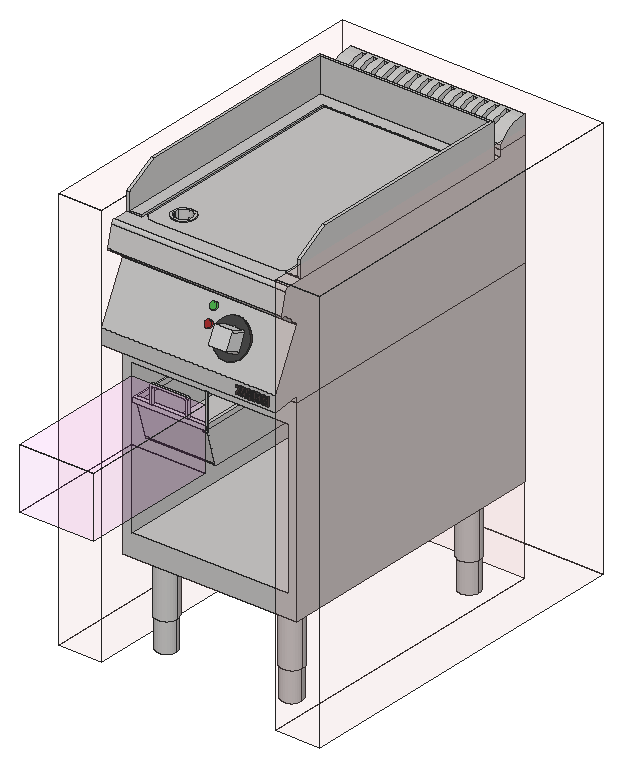
Revit family "QF_ZANUSSI_372195_Z7FTEDCSQ0", category Attrezzature speciali, Revit 2020
Family settings
  Quota connettore circolare = Usa diametro
  Tipo di parte = Normale
  Basato su piano di lavoro = No
  Sempre verticale = Sì
  Taglio con vuoti quando caricato = No
  Condiviso = No
  Punto di calcolo locali = No
Parameters (values of type "Standard")
  Weight = 50.00 kg
  Watts = 4200 W
  Volts = 400 V
  URL Manufacturer = "http://www.zanussiprofessional.com"
  URL = "http://www.zanussiprofessional.com"
  Steam Supply Size = 0 mm
  Steam Supply Minimum Pressure = 0.0 Pa
  Steam Supply Maximum Pressure = 0.0 Pa
  Steam Consumption per Hour = 0
  Show Logo [instance] = yes
  Show Clearance [instance] = yes
  Refrigeration Suction Line Size = 0 mm
  Refrigeration Liquid Line Size = 0 mm
  Refrigerant Compressor Remote = yes
  Prospetto di default = 0 mm
  Produttore = "Zanussi"
  Phase = 3
  Modello = "Z7FTEDCSQ0"
  Length Actual = 400 mm  # constant formula
  Item Number = "372195"
  Hot Water Size = 0 mm
  Height Actual = 850 mm  # constant formula
  HP = "5.6 HP"
  Gas Size = 0 mm
  Gas KW = 0
  Gas Input Pressure = 0 W
  Direct Waste Size = 0 mm
  Descrizione = "EL. FRY TOP-SMOOTH POLISHED CHROME PLATE+BASE 400MM"
  Depth Actual = 700 mm  # constant formula
  Cycle = 50 Hz
  Condensate Return Size = 0 mm
  Compressed Air Volume = 0.0 L/s
  Compressed Air Size = 0 mm
  Compressed Air Pressure = 0.0 Pa
  Cold Water Size = 0 mm
  Accessory = yes
Reference planes
  plane 1 "Back": y = 0
  plane 2: z = 0
  plane 3 "Left": x = 0
  plane 4: z = 849
  plane 5: x = 500
  plane 6: x = -100
  plane 7: y = 100
  plane 8: x = 400
  plane 9: y = -715
  plane 10: y = -91
  plane 11: y = -600
  plane 12: x = 200
Forms (mm)
  Extrusion 1, solid, material "QF_Finishes_Clearance", visible <- "Show Clearance"
    sketch origin (0, 0, 575) x (1, 0, 0) y (0, 1, 0)
      loop
        line (0, -715) -> (0, 0) -> (400, 0) -> (400, -715) -> (500, -715) -> (500, 100) -> (-100, 100) -> (-100, -715) -> (0, -715)
    from -575 to 355
  Extrusion 2, void
    sketch origin (0, -2.381, 900) x (-1, 0, 0) y (0, -1, 0)
      loop
        arc (-60.425, 102.504) -> (-42.464, 109.943) -> (-35.025, 127.904) r 25.4
        line (-35.025, 127.904) -> (-35.025, 617.104)
        arc (-35.025, 617.104) -> (-42.464, 635.064) -> (-60.425, 642.504) r 25.4
        line (-60.425, 642.504) -> (-339.575, 642.504)
        arc (-339.575, 642.504) -> (-357.536, 635.064) -> (-364.975, 617.104) r 25.4
        line (-364.975, 617.104) -> (-364.975, 127.904)
        arc (-364.975, 127.904) -> (-357.536, 109.943) -> (-339.575, 102.504) r 25.4
        line (-339.575, 102.504) -> (-60.425, 102.504)
    from 0 to -3.2
  Sweep 3, solid, material "QF_Finishes_Stainless Steel"
    path origin (0, -2.381, 900) x (-1, 0, 0) y (0, -1, 0)
      loop
        line (-364.975, 642.504) -> (-364.975, 122.619) -> (-35.025, 122.619) -> (-35.025, 642.504)
    profile origin (35.025, -384.942, 900) x (1, 0, 0) y (0, 0, 1)
      loop
        line (-35.025, 0) -> (0, 0) -> (0, 3.175) -> (-28.675, 3.175) -> (-28.675, 80) -> (-35.025, 80) -> (-35.025, 0)
  Extrusion 4, void
    sketch origin (0, -89.975, 900) x (0, 1, 0) y (0, 0, 1)
      loop
        line (-554.91, 40.481) -> (-481.88, 80) -> (-554.91, 80) -> (-554.91, 40.481)
    from 0 to 6.35
  Extrusion 5, void
    sketch origin (400, -644.885, 900) x (0, -1, 0) y (0, 0, 1)
      loop
        line (0, 40.481) -> (0, 80) -> (-73.03, 80) -> (0, 40.481)
    from 0 to 6.35
  Extrusion 6, solid, material "QF_Finishes_Stainless Steel"
    sketch origin (0, 20, 50) x (1, 0, 0) y (0, 1, 0)
      loop
        circle (85.307, -607.968) r 25
      loop
        circle (85.307, -607.968) r 20
    from 831.583 to 846.8
  Extrusion 7, solid, material "QF_Finishes_Stainless Steel"
    sketch origin (0, 322, 50) x (1, 0, 0) y (0, 0, 1)
      loop
        line (184.499, 468.626) -> (184.499, 467)
        arc (184.499, 467) -> (185.085, 465.586) -> (186.499, 465) r 2
        line (186.499, 465) -> (192, 465)
        arc (192, 465) -> (194.121, 465.879) -> (195, 468) r 3
        line (195, 468) -> (195, 550) -> (190, 550) -> (190, 468.626) -> (184.499, 468.626)
    from 655 to 977.426
  Extrusion 8, solid, material "QF_Finishes_Door Clearance", visible <- "Show Clearance"
    sketch origin (0, 0, 50) x (1, 0, 0) y (0, 0, 1)
      loop
        line (190, 380) -> (190, 521.126) -> (19.675, 521.126) -> (19.675, 380) -> (190, 380)
    from 655 to 975.19
  Extrusion 9, solid, material "QF_Finishes_Stainless Steel"
    sketch origin (0, 0, 626) x (0, 1, 0) y (0, 0, 1)
      loop
        line (0, 24) -> (0, 288) -> (-70, 288) -> (-70, 273) -> (-679.358, 273)
        arc (-679.358, 273) -> (-684.643, 270.811) -> (-686.833, 265.526) r 7.474
        line (-686.833, 265.526) -> (-699.884, 220.011)
        arc (-699.884, 220.011) -> (-699.396, 217.379) -> (-697, 216.184) r 3
        line (-697, 216.184) -> (-686.802, 216.184) -> (-654.982, 184.364) -> (-715, 64.508) -> (-715, 29.508) -> (-658.645, 37.428)
        arc (-658.645, 37.428) -> (-656.101, 36.674) -> (-655, 34.259) r 3.2
        line (-655, 34.259) -> (-655, 24) -> (0, 24)
    from 0 to 400
  Extrusion 10, solid, material "QF_Finishes_Stainless Steel"
    sketch origin (0, 0, 50) x (1, 0, 0) y (0, 1, 0)
      loop
        line (0, 0) -> (0, -655) -> (400, -655) -> (400, 0) -> (0, 0)
    from 149 to 600
  Extrusion 11, void
    sketch origin (418.77, -655, 50) x (1, 0, 0) y (0, 0, -1)
      loop
        line (-398.77, -199) -> (-398.77, -550) -> (-38.77, -550) -> (-38.77, -199) -> (-398.77, -199)
    from 0 to 507.363
  Extrusion 12, void
    sketch origin (0, 20, 100) x (1, 0, 0) y (0, 1, 0)
      loop
        circle (85.307, -607.971) r 20
    from 520.027 to 855.813
  Extrusion 13, solid, material "QF_Finishes_Stainless Steel"
    sketch origin (730.404, -334.286, 197) x (1, 0, 0) y (0, 1, 0)
      loop
        line (-392.404, -132.714) -> (-392.404, -152.714) -> (-372.404, -152.714) -> (-372.404, -132.714) -> (-392.404, -132.714)
    from 0 to 2
  Extrusion 14, solid, material "QF_Finishes_Stainless Steel"
    sketch origin (730.404, 113.714, 197) x (1, 0, 0) y (0, 1, 0)
      loop
        line (-392.404, -132.714) -> (-392.404, -152.714) -> (-372.404, -152.714) -> (-372.404, -132.714) -> (-392.404, -132.714)
    from 0 to 2
Cuts and joins
  Extrusion 2, Extrusion 4, Extrusion 5 cuts Sweep 3
  Extrusion 2 cuts Extrusion 6
  Extrusion 4 cuts Extrusion 1
  Extrusion 11 cuts Extrusion 7
  Extrusion 11 cuts Extrusion 8
  Extrusion 11 cuts Extrusion 10
  Extrusion 2, Extrusion 12 cuts Extrusion 9
Dimensions and locks
  plane 4 to level = 849 mm
  plane 3 "Left" to plane 8 = 400 mm
  plane 1 "Back" to plane 9 = 715 mm
  plane 6 to plane 3 "Left" = 100 mm
  plane 8 to plane 5 = 100 mm
  plane 1 "Back" to plane 7 = 100 mm
  plane 1 "Back" to plane 10 to plane 11 = 91 mm, 509 mm
  equal spacing: plane 3 "Left", plane 12, plane 8
  aligned and locked: level to plane 2
Automatic sketch dimensions
  Extrusion 1 sketch curve to plane 6 = 0 mm
  plane 1 "Back" to Extrusion 1 sketch curve = 0 mm
  Extrusion 1 sketch curve to plane 3 "Left" = 0 mm
  Extrusion 1 sketch curve to plane 8 = 0 mm
  Extrusion 1 sketch curve to plane 5 = 0 mm
  Extrusion 1 sketch curve to plane 9 = 0 mm  (x2)
  Extrusion 1 sketch curve to plane 7 = 0 mm
  plane 8 to Extrusion 2 sketch curve = 35.025 mm
  Extrusion 2 sketch curve to Extrusion 2 sketch curve = 25.4 mm  (x3)
  Extrusion 2 sketch curve to plane 10 = 13.885 mm
  plane 3 "Left" to Extrusion 2 sketch curve = 60.425 mm  (x2)
  Extrusion 2 sketch curve to plane 11 = 19.485 mm
  plane 8 to Sweep 3 sketch curve = 35.025 mm
  plane 3 "Left" to Sweep 3 sketch curve = 35.025 mm
  Sweep 3 sketch curve to plane 10 = 34 mm
  Sweep 3 sketch curve to plane 11 = 44.885 mm  (x2)
  Sweep 3 sketch curve to profile plane = 0 mm
  profile plane to Sweep 3 sketch curve = 0 mm
  profile plane to Sweep 3 sketch curve = 28.675 mm
  Sweep 3 sketch curve to Sweep 3 sketch curve = 6.35 mm
  profile plane to Sweep 3 sketch curve = 3.175 mm
  Sweep 3 sketch curve to Sweep 3 sketch curve = 76.825 mm
  Extrusion 4 sketch curve to Sweep 3 = 0 mm  (x2)
  Extrusion 4 sketch curve to Extrusion 4 sketch curve = 73.03 mm
  Extrusion 4 sketch curve to Extrusion 4 sketch curve = 39.519 mm
  Sweep 3 to Extrusion 5 sketch curve = 0 mm
  Extrusion 5 sketch curve to Sweep 3 = 0 mm
  Extrusion 5 sketch curve to Extrusion 5 sketch curve = 73.03 mm
  Extrusion 5 sketch curve to Extrusion 5 sketch curve = 39.519 mm
  Extrusion 6 sketch curve to Extrusion 6 sketch curve = 0 mm  (x2)
  plane 11 to Extrusion 6 sketch curve = 12.032 mm
  plane 3 "Left" to Extrusion 6 sketch curve = 85.307 mm
  Extrusion 7 sketch curve to plane 12 = 15.501 mm
  Extrusion 7 sketch curve to Extrusion 7 sketch curve = 2 mm  (x2)
  Extrusion 7 sketch curve to Extrusion 7 sketch curve = 3.501 mm
  Extrusion 7 sketch curve to plane 12 = 5 mm
  plane 4 to Extrusion 7 sketch curve = 334 mm
  Extrusion 7 sketch curve to Extrusion 7 sketch curve = 1.626 mm
  Extrusion 7 sketch curve to Extrusion 7 sketch curve = 81.374 mm
  plane 3 "Left" to Extrusion 8 sketch curve = 19.675 mm
  Extrusion 8 sketch curve to plane 12 = 10 mm
  plane 4 to Extrusion 8 sketch curve = 419 mm
  Extrusion 8 sketch curve to Extrusion 8 sketch curve = 141.126 mm
  Extrusion 9 sketch curve to plane 9 = 0 mm
  Extrusion 9 sketch curve to plane 1 "Back" = 0 mm
  plane 4 to Extrusion 9 sketch curve = 2.989 mm
  plane 9 to Extrusion 9 sketch curve = 15.116 mm
  Extrusion 9 sketch curve to Extrusion 9 sketch curve = 2.884 mm
  plane 9 to Extrusion 9 sketch curve = 28.167 mm
  plane 4 to Extrusion 9 sketch curve = 6.816 mm
  Extrusion 9 sketch curve to Extrusion 9 sketch curve = 10.198 mm
  Extrusion 9 sketch curve to Extrusion 9 sketch curve = 7.474 mm
  plane 9 to Extrusion 9 sketch curve = 56.355 mm
  Extrusion 9 sketch curve to Extrusion 9 sketch curve = 0.445 mm
  Extrusion 9 sketch curve to Extrusion 9 sketch curve = 3.2 mm
  Extrusion 9 sketch curve to Extrusion 9 sketch curve = 31.82 mm
  plane 10 to Extrusion 9 sketch curve = 21 mm
  plane 4 to Extrusion 9 sketch curve = 38.636 mm
  Extrusion 9 sketch curve to Extrusion 9 sketch curve = 119.856 mm
  Extrusion 9 sketch curve to Extrusion 9 sketch curve = 27.08 mm
  Extrusion 9 sketch curve to Extrusion 9 sketch curve = 35 mm
  Extrusion 9 sketch curve to Extrusion 9 sketch curve = 10.259 mm
  Extrusion 9 sketch curve to plane 4 = 42.526 mm
  Extrusion 9 sketch curve to plane 4 = 65 mm
  Extrusion 10 sketch curve to plane 3 "Left" = 0 mm
  Extrusion 10 sketch curve to plane 8 = 0 mm
  plane 1 "Back" to Extrusion 10 sketch curve = 0 mm
  Extrusion 10 sketch curve to plane 11 = 55 mm
  Extrusion 11 sketch curve to Extrusion 10 = 20 mm
  Extrusion 10 to Extrusion 11 sketch curve = 20 mm
  Extrusion 11 sketch curve to Extrusion 10 = 50 mm  (x2)
  plane 11 to Extrusion 12 sketch curve = 12.029 mm
  plane 3 "Left" to Extrusion 12 sketch curve = 85.307 mm
  plane 8 to Extrusion 13 sketch curve = 62 mm
  Extrusion 13 sketch curve to Extrusion 13 sketch curve = 20 mm  (x2)
  plane 11 to Extrusion 13 sketch curve = 113 mm
  plane 8 to Extrusion 14 sketch curve = 62 mm
  Extrusion 14 sketch curve to Extrusion 14 sketch curve = 20 mm
  plane 1 "Back" to Extrusion 14 sketch curve = 39 mm
  plane 1 "Back" to Extrusion 14 sketch curve = 19 mm
  radius of Extrusion 6 sketch curve = 25 mm
  radius of Extrusion 6 sketch curve = 20 mm
  radius of Extrusion 12 sketch curve = 20 mm
Nested families
  nested 1: "Uscita_Fumi" at (200, -34.925, 914), type "Uscita_Fumi"
  nested 2: "CONTROLLER_XP-ZAN" at (325.75, -684.624, 751.168) x (1, 0, 0) z (0, -0.8942, 0.4478), type "CONTROLLER_XP-ZAN"
  nested 3: "SPIA_RED" at (218.803, -681.218, 760.23) x (1, 0, 0) z (0, -0.8942, 0.4478), type "SPIA_RED"
  nested 4: "SPIA_GREEN" at (218.803, -665.986, 790.648) x (1, 0, 0) z (0, -0.8942, 0.4478), type "SPIA_GREEN"
  nested 5: "ZANUSSI_Logo" at (349.92, -715, 721.184) x (1, 0, 0) z (0, -1, 0), Show Logo <- "Show Logo", visible <- "Show Logo", type "ZANUSSI_Logo"
    with Show Logo yes
  nested 6: "CESTELLO_SCOLO" at (19.675, -494, 430), type "CESTELLO_SCOLO"
  nested 7: "Piedino 50xH200_par" at (56, -600, 0), type "Piedino 50xH200_par"
    with H 200 mm
  nested 8: "Piedino 50xH200_par" at (344, -600, 0), type "Piedino 50xH200_par"
    with H 200 mm
  nested 9: "Piedino 50xH200_par" at (344, -91, 0), type "Piedino 50xH200_par"
    with H 200 mm
  nested 10: "Piedino 50xH200_par" at (56, -91, 0), type "Piedino 50xH200_par"
    with H 200 mm
Connectors
  electrical at (348, -477, 197), driven by "Volts"
    settings: on Extrusion 13, index 10, voltage 400 V, apparent load 0 VA, apparent load phase1 0 VA, apparent load phase2 0 VA, apparent load phase3 0 VA, power factor 1, load classification "Altro", number of poles 1, system type 30, power factor state 1, is connector primary yes, connector utility no, sub classification motor no, connector description "Electrical Connection"
  electrical at (348, -29, 197), driven by "Volts"
    settings: on Extrusion 14, index 11, voltage 400 V, apparent load 0 VA, apparent load phase1 0 VA, apparent load phase2 0 VA, apparent load phase3 0 VA, power factor 1, load classification "Altro", number of poles 1, system type 30, power factor state 1, is connector primary no, connector utility no, sub classification motor no, connector description "Electrical Connection"
Definition of nested family "Uscita_Fumi"
  Parameters (values of type "Uscita_Fumi")
    Default Elevation = 1219.2 mm
  Reference planes
    plane 1 "Centro (Fronte/Retro)": y = 0
    plane 2: z = 0
    plane 3 "Centro (Sinistra/Destra)": x = 0
  Forms (mm)
    Extrusion 1, solid
      sketch origin (0, 0, 0) x (1, 0, 0) y (0, 1, 0)
        loop
          line (-1219.2, 1219.2) -> (-1219.2, -1219.2) -> (1219.2, -1219.2) -> (1219.2, 1219.2) -> (-1219.2, 1219.2)
      from 0 to -304.8
    Extrusion 2, solid
      sketch origin (-200, 34.925, -289.638) x (0, 1, 0) y (0, 0, 1)
        loop
          line (0, 289.638) -> (0, 331.738)
          arc (0, 331.738) -> (-38.857, 324.552) -> (-69.85, 300.038) r 82.056
          line (-69.85, 300.038) -> (-69.85, 289.638) -> (0, 289.638)
      from 0 to 400
    Extrusion 3, void
      sketch origin (-200, 34.925, -15) x (0, -1, 0) y (1, 0, 0)
        loop
          line (6.761, 29.703) -> (63.911, 29.703) -> (63.911, 38.999) -> (6.761, 38.999) -> (6.761, 29.703)
        loop
          line (63.911, 64.487) -> (6.761, 64.487) -> (6.761, 55.191) -> (63.911, 55.191) -> (63.911, 64.487)
        loop
          line (63.911, 89.975) -> (6.761, 89.975) -> (6.761, 80.68) -> (63.911, 80.68) -> (63.911, 89.975)
        loop
          line (63.911, 115.464) -> (6.761, 115.464) -> (6.761, 106.168) -> (63.911, 106.168) -> (63.911, 115.464)
        loop
          line (63.911, 140.952) -> (6.761, 140.952) -> (6.761, 131.656) -> (63.911, 131.656) -> (63.911, 140.952)
        loop
          line (63.911, 166.44) -> (6.761, 166.44) -> (6.761, 157.145) -> (63.911, 157.145) -> (63.911, 166.44)
        loop
          line (63.911, 191.929) -> (6.761, 191.929) -> (6.761, 182.633) -> (63.911, 182.633) -> (63.911, 191.929)
        loop
          line (63.911, 217.417) -> (6.761, 217.417) -> (6.761, 208.121) -> (63.911, 208.121) -> (63.911, 217.417)
        loop
          line (63.911, 242.905) -> (6.761, 242.905) -> (6.761, 233.61) -> (63.911, 233.61) -> (63.911, 242.905)
        loop
          line (63.911, 268.394) -> (6.761, 268.394) -> (6.761, 259.098) -> (63.911, 259.098) -> (63.911, 268.394)
        loop
          line (63.911, 293.882) -> (6.761, 293.882) -> (6.761, 284.586) -> (63.911, 284.586) -> (63.911, 293.882)
        loop
          line (63.911, 319.37) -> (6.761, 319.37) -> (6.761, 310.075) -> (63.911, 310.075) -> (63.911, 319.37)
        loop
          line (63.911, 344.859) -> (6.761, 344.859) -> (6.761, 335.563) -> (63.911, 335.563) -> (63.911, 344.859)
        loop
          line (63.911, 370.347) -> (6.761, 370.347) -> (6.761, 361.051) -> (63.911, 361.051) -> (63.911, 370.347)
      from 25.4 to 63.5
  Cuts and joins
    Extrusion 3 cuts Extrusion 2
  Dimensions and locks
    aligned and locked: plane 2 to Extrusion 1
    aligned and locked: level to Extrusion 1
Definition of nested family "CONTROLLER_XP-ZAN"
  Parameters (values of type "CONTROLLER_XP-ZAN")
    Default Elevation = 0 mm
  Reference planes
    plane 1 "Centro (Fronte/Retro)": y = 0
    plane 2: z = 0
    plane 3 "Centro (Sinistra/Destra)": x = 0
    plane 4: x = -51.067
    plane 5: x = 51.067
    plane 6: x = 93.481
    plane 7: x = -93.481
  Forms (mm)
    Extrusion 1, solid
      sketch origin (0, 0, 0) x (1, 0, 0) y (0, 1, 0)
        loop
          line (-1219.2, 1219.2) -> (-1219.2, -1219.2) -> (1219.2, -1219.2) -> (1219.2, 1219.2) -> (-1219.2, 1219.2)
      from 0 to -304.8
    Extrusion 2, solid
      sketch origin (-46.381, -48.923, 0) x (1, 0, 0) y (0, 1, 0)
        loop
          circle (-4.687, 48.923) r 42.414
      from 0 to 3.175
    Blend 3, solid
      base sketch origin (-46.381, -48.923, 3.175) x (1, 0, 0) y (0, 1, 0)
        loop
          line (-23.687, 25.923) -> (14.313, 25.923)
          arc (14.313, 25.923) -> (17.142, 27.095) -> (18.313, 29.923) r 4
          line (18.313, 29.923) -> (18.313, 66.519)
          arc (18.313, 66.519) -> (17.342, 69.132) -> (14.901, 70.476) r 4
          arc (14.901, 70.476) -> (-4.687, 71.923) -> (-24.275, 70.476) r 133.25
          arc (-24.275, 70.476) -> (-26.716, 69.132) -> (-27.687, 66.519) r 4
          line (-27.687, 66.519) -> (-27.687, 29.923)
          arc (-27.687, 29.923) -> (-26.515, 27.095) -> (-23.687, 25.923) r 4
      top sketch origin (-46.381, -48.923, 3.175) x (1, 0, 0) y (0, 1, 0)
        loop
          line (-25.687, 66.519) -> (-25.687, 29.923)
          arc (-25.687, 29.923) -> (-25.101, 28.509) -> (-23.687, 27.923) r 2
          line (-23.687, 27.923) -> (14.313, 27.923)
          arc (14.313, 27.923) -> (15.727, 28.509) -> (16.313, 29.923) r 2
          line (16.313, 29.923) -> (16.313, 66.519)
          arc (16.313, 66.519) -> (15.828, 67.825) -> (14.607, 68.498) r 2
          arc (14.607, 68.498) -> (-4.687, 69.923) -> (-23.981, 68.498) r 131.25
          arc (-23.981, 68.498) -> (-25.201, 67.825) -> (-25.687, 66.519) r 2
      from 0 to 33
  Lines and regions (mm)
    Split face 1
      outline origin (-46.381, -48.923, 36.175) x (1, 0, 0) y (0, 1, 0)
        loop
          line (-6.687, 69.908) -> (-6.687, 62.923) -> (-2.687, 62.923) -> (-2.687, 69.908)
  Dimensions and locks
    aligned and locked: plane 2 to Extrusion 1
    aligned and locked: level to Extrusion 1
Definition of nested family "SPIA_RED"
  Parameters
    Default Elevation = 1219.2 mm
  Reference planes
    plane 1 "Centro (Fronte/Retro)": y = 0
    plane 2: z = 0
    plane 3 "Centro (Sinistra/Destra)": x = 0
  Forms (mm)
    Extrusion 1, solid
      sketch origin (0, 0, 0) x (1, 0, 0) y (0, 1, 0)
        loop
          line (-1219.2, 1219.2) -> (-1219.2, -1219.2) -> (1219.2, -1219.2) -> (1219.2, 1219.2) -> (-1219.2, 1219.2)
      from 0 to -304.8
    Extrusion 2, solid
      sketch origin (-367.513, 69.533, 3.175) x (-1, 0, 0) y (0, 1, 0)
        loop
          circle (-367.513, -69.533) r 8
      from 0 to 3.175
  Dimensions and locks
    aligned and locked: plane 2 to Extrusion 1
    aligned and locked: level to Extrusion 1
Definition of nested family "SPIA_GREEN"
  Parameters
    Default Elevation = 1219.2 mm
  Reference planes
    plane 1 "Centro (Fronte/Retro)": y = 0
    plane 2: z = 0
    plane 3 "Centro (Sinistra/Destra)": x = 0
  Forms (mm)
    Extrusion 1, solid
      sketch origin (0, 0, 0) x (1, 0, 0) y (0, 1, 0)
        loop
          line (-1219.2, 1219.2) -> (-1219.2, -1219.2) -> (1219.2, -1219.2) -> (1219.2, 1219.2) -> (-1219.2, 1219.2)
      from 0 to -304.8
    Extrusion 2, solid
      sketch origin (-367.513, 69.533, 3.175) x (-1, 0, 0) y (0, 1, 0)
        loop
          circle (-367.513, -69.533) r 8
      from 0 to 3.175
  Dimensions and locks
    aligned and locked: plane 2 to Extrusion 1
    aligned and locked: level to Extrusion 1
Definition of nested family "ZANUSSI_Logo"
  Parameters (values of type "ZANUSSI_Logo")
    Show Logo [instance] = yes
    Default Elevation = 1219.2 mm
  Reference planes
    plane 1 "Center (Front/Back)": y = -49
    plane 2: z = 0
    plane 3 "Center (Left/Right)": x = -9.92
  Forms (mm)
    Extrusion 1, solid
      sketch origin (0, 0, 0) x (1, 0, 0) y (0, 1, 0)
        loop
          line (-1219.2, 1219.2) -> (-1219.2, -1219.2) -> (1219.2, -1219.2) -> (1219.2, 1219.2) -> (-1219.2, 1219.2)
      from 0 to -304.8
    Extrusion 2, solid, visible <- "Show Logo"
      sketch origin (106.353, -215.165, -50) x (1, 0, 0) y (0, 1, 0)
        loop
          line (-137.419, 156.48) -> (-137.419, 160.444) -> (-143.365, 160.444) -> (-137.419, 172.566) -> (-137.419, 175.851) -> (-147.274, 175.851) -> (-147.274, 172.226) -> (-142.063, 172.339) -> (-147.728, 160.444) -> (-147.728, 156.48) -> (-137.419, 156.48)
        loop
          line (-131.729, 163.73) -> (-129.463, 163.73) -> (-130.596, 172.54) -> (-131.729, 163.73)
        loop
          line (-132.748, 156.48) -> (-132.182, 160.218) -> (-128.897, 160.218) -> (-128.33, 156.48) -> (-124.252, 156.48) -> (-127.877, 175.851) -> (-133.315, 175.851) -> (-136.826, 156.48) -> (-132.748, 156.48)
        loop
          line (-123.75, 175.851) -> (-123.75, 156.48) -> (-120.238, 156.48) -> (-120.238, 169.281) -> (-116.953, 156.48) -> (-112.648, 156.48) -> (-112.648, 175.851) -> (-116.273, 175.851) -> (-116.273, 163.503) -> (-119.558, 175.851) -> (-123.75, 175.851)
        loop
          arc (-111.742, 161.27) -> (-106.896, 156.448) -> (-101.433, 160.558) r 5.22
          line (-101.433, 160.558) -> (-101.433, 175.851) -> (-105.398, 175.851) -> (-105.398, 161.464)
          arc (-105.398, 161.464) -> (-106.44, 160.263) -> (-107.777, 161.124) r 1.214
          line (-107.777, 161.124) -> (-107.777, 175.851) -> (-111.742, 175.851) -> (-111.742, 161.27)
        loop
          line (-94.069, 169.734) -> (-90.331, 169.734) -> (-90.269, 171.495)
          arc (-90.269, 171.495) -> (-90.53, 173.458) -> (-91.761, 175.009) r 3.719
          arc (-91.761, 175.009) -> (-95.38, 176.189) -> (-98.998, 175.009) r 6.139
          arc (-98.998, 175.009) -> (-100.474, 172.145) -> (-100.291, 168.927) r 6.125
          arc (-100.291, 168.927) -> (-99.079, 167.149) -> (-97.591, 165.594) r 13.068
          line (-97.591, 165.594) -> (-95.921, 164.113)
          arc (-95.921, 164.113) -> (-94.934, 163.275) -> (-94.167, 162.233) r 5.571
          arc (-94.167, 162.233) -> (-94.357, 160.41) -> (-96.143, 160.003) r 1.573
          arc (-96.143, 160.003) -> (-96.681, 160.547) -> (-96.911, 161.277) r 1.631
          arc (-96.911, 161.277) -> (-96.929, 161.791) -> (-96.911, 162.305) r 7.441
          arc (-96.911, 162.305) -> (-96.895, 162.791) -> (-96.911, 163.277) r 7.03
          line (-96.911, 163.277) -> (-100.866, 163.277)
          arc (-100.866, 163.277) -> (-100.828, 160.504) -> (-99.735, 157.955) r 7.131
          arc (-99.735, 157.955) -> (-94.571, 156.484) -> (-90.221, 159.633) r 6.148
          arc (-90.221, 159.633) -> (-90.141, 162.884) -> (-91.536, 165.823) r 7.021
          line (-91.536, 165.823) -> (-95.882, 169.734)
          arc (-95.882, 169.734) -> (-96.47, 170.472) -> (-96.785, 171.362) r 2.858
          arc (-96.785, 171.362) -> (-95.666, 172.959) -> (-94.069, 171.84) r 1.379
          line (-94.069, 171.84) -> (-94.069, 169.734)
        loop
          line (-82.771, 169.734) -> (-79.033, 169.734) -> (-78.971, 171.495)
          arc (-78.971, 171.495) -> (-79.232, 173.458) -> (-80.463, 175.009) r 3.719
          arc (-80.463, 175.009) -> (-84.081, 176.189) -> (-87.7, 175.009) r 6.139
          arc (-87.7, 175.009) -> (-89.175, 172.145) -> (-88.993, 168.927) r 6.125
          arc (-88.993, 168.927) -> (-87.781, 167.149) -> (-86.293, 165.594) r 13.068
          line (-86.293, 165.594) -> (-84.623, 164.113)
          arc (-84.623, 164.113) -> (-83.636, 163.275) -> (-82.869, 162.233) r 5.571
          arc (-82.869, 162.233) -> (-83.059, 160.41) -> (-84.845, 160.003) r 1.573
          arc (-84.845, 160.003) -> (-85.383, 160.547) -> (-85.613, 161.277) r 1.631
          arc (-85.613, 161.277) -> (-85.631, 161.791) -> (-85.613, 162.305) r 7.441
          arc (-85.613, 162.305) -> (-85.596, 162.791) -> (-85.613, 163.277) r 7.03
          line (-85.613, 163.277) -> (-89.568, 163.277)
          arc (-89.568, 163.277) -> (-89.53, 160.504) -> (-88.437, 157.955) r 7.131
          arc (-88.437, 157.955) -> (-83.272, 156.484) -> (-78.922, 159.633) r 6.148
          arc (-78.922, 159.633) -> (-78.843, 162.884) -> (-80.238, 165.823) r 7.021
          line (-80.238, 165.823) -> (-84.584, 169.734)
          arc (-84.584, 169.734) -> (-85.171, 170.472) -> (-85.486, 171.362) r 2.858
          arc (-85.486, 171.362) -> (-84.368, 172.959) -> (-82.771, 171.84) r 1.379
          line (-82.771, 171.84) -> (-82.771, 169.734)
        loop
          line (-78.21, 175.851) -> (-78.21, 156.48) -> (-74.245, 156.48) -> (-74.245, 175.851) -> (-78.21, 175.851)
      from 50 to 51.6
  Dimensions and locks
    aligned and locked: plane 2 to Extrusion 1
    aligned and locked: level to Extrusion 1
Definition of nested family "CESTELLO_SCOLO"
  Parameters (values of type "CESTELLO_SCOLO")
    Default Elevation = 0 mm
  Reference planes
    plane 1 "Centro (Fronte/Retro)": y = 0
    plane 2: z = 0
    plane 3 "Centro (Sinistra/Destra)": x = 0
  Forms (mm)
    Extrusion 1, solid
      sketch origin (0, -5, 0) x (0, 1, 0) y (0, 0, 1)
        loop
          line (0, 0) -> (128.732, 0)
          arc (128.732, 0) -> (131.741, 1.007) -> (133.539, 3.622) r 5
          line (133.539, 3.622) -> (160.064, 96.126) -> (0, 96.126) -> (-149.181, 96.126) -> (-122.656, 3.622)
          arc (-122.656, 3.622) -> (-120.859, 1.007) -> (-117.85, 0) r 5
          line (-117.85, 0) -> (0, 0)
      from 4.958 to 164.824
    Extrusion 2, solid
      sketch origin (7.5, -1.064, 2.5) x (0, 1, 0) y (0, 0, 1)
        loop
          line (162.49, 96.126) -> (-159.936, 96.126) -> (-159.936, 86.126) -> (162.49, 86.126) -> (162.49, 96.126)
      from -7.175 to 162.825
    Extrusion 3, solid
      sketch origin (-14.987, 0, 0) x (1, 0, 0) y (0, 0, 1)
        loop
          line (56.875, 98.626) -> (61.875, 98.626) -> (61.875, 133.126)
          arc (61.875, 133.126) -> (62.754, 135.247) -> (64.875, 136.126) r 3
          line (64.875, 136.126) -> (135.75, 136.126)
          arc (135.75, 136.126) -> (137.871, 135.247) -> (138.75, 133.126) r 3
          line (138.75, 133.126) -> (138.75, 98.626) -> (143.75, 98.626) -> (143.75, 136.126)
          arc (143.75, 136.126) -> (142.286, 139.662) -> (138.75, 141.126) r 5
          line (138.75, 141.126) -> (61.875, 141.126)
          arc (61.875, 141.126) -> (58.339, 139.662) -> (56.875, 136.126) r 5
          line (56.875, 136.126) -> (56.875, 98.626)
      from 154.898 to 161
    Extrusion 4, solid
      sketch origin (-14.987, 0, 0) x (1, 0, 0) y (0, 0, -1)
        loop
          line (56.875, -98.626) -> (56.875, -136.126)
          arc (56.875, -136.126) -> (58.339, -139.662) -> (61.875, -141.126) r 5
          line (61.875, -141.126) -> (138.75, -141.126)
          arc (138.75, -141.126) -> (142.286, -139.662) -> (143.75, -136.126) r 5
          line (143.75, -136.126) -> (143.75, -98.626) -> (138.75, -98.626) -> (138.75, -133.126)
          arc (138.75, -133.126) -> (137.871, -135.247) -> (135.75, -136.126) r 3
          line (135.75, -136.126) -> (64.875, -136.126)
          arc (64.875, -136.126) -> (62.754, -135.247) -> (61.875, -133.126) r 3
          line (61.875, -133.126) -> (61.875, -98.626) -> (56.875, -98.626)
      from 154.898 to 161
    Extrusion 5, void
      sketch origin (6.25, 0, 0) x (0, 1, 0) y (0, 0, 1)
        loop
          line (152.09, 101.912) -> (-152.186, 101.912) -> (-152.186, 92.301) -> (-123.108, 7.853) -> (126.892, 7.853) -> (152.09, 95.731) -> (152.09, 101.912)
      from 0.704 to 156.557
  Cuts and joins
    Extrusion 5 cuts Extrusion 2
    Extrusion 5 cuts Extrusion 1
  Dimensions and locks
    Extrusion 1 sketch curve to Extrusion 1 sketch curve = 309.245 mm
    Extrusion 2 to Extrusion 2 = 170 mm
    aligned and locked: level to plane 2
Definition of nested family "Piedino 50xH200_par"
  Parameters (values of type "Piedino 50xH200_par")
    Default Elevation = 0 mm
    H [instance] = 200 mm
  Reference planes
    plane 1 "Centro (Fronte/Retro)": y = 0
    plane 2: z = 0
    plane 3 "Centro (Sinistra/Destra)": x = 0
  Forms (mm)
    Revolve 1, solid
      sketch origin (55, 0, 0) x (-1, 0, 0) y (0, 0, -1)
        loop
          line (55, 0) -> (32.1, 0) -> (32.1, -69.05) -> (29.6, -69.05) -> (29.6, -200) -> (55, -200) -> (55, 0)
        axis (55, 0) -> (55, -200)
      angle from 0 to 360
  Dimensions and locks
    "H": Revolve 1 to plane 2
    aligned and locked: level to plane 2
  Automatic sketch dimensions
    Revolve 1 sketch curve to level = 0 mm
    Revolve 1 sketch curve to plane 3 "Centro (Sinistra/Destra)" = 0 mm  (x2)
    plane 3 "Centro (Sinistra/Destra)" to Revolve 1 sketch curve = 22.9 mm
    Revolve 1 sketch curve to Revolve 1 sketch curve = 2.5 mm
    level to Revolve 1 sketch curve = 69.05 mm
    Revolve 1 sketch curve to Revolve 1 sketch curve = 130.95 mm
    Revolve 1 sketch curve to Revolve 1 sketch curve = 0 mm
    Revolve 1 sketch curve to Revolve 1 sketch curve = 20 mm
